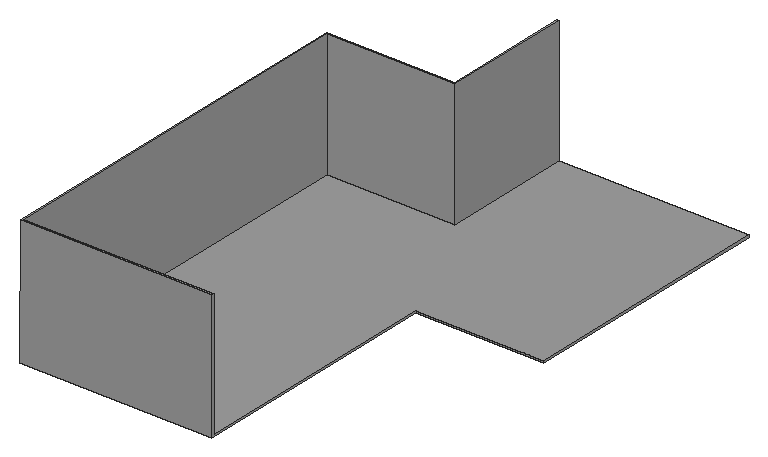
Revit family "Flashing_Preformed_Hyload_6x12Window", category Generic Models, Revit 2014
Parameters (values of type "As Specified")
  Unit Width = 1' - 0"
  Unit Height = 0' - 4"
  Unit Depth = 0' - 6"
  URL = "http://www.hyload.com/"
  Thickness = 0' - 0 1/16"
  Specification = "http://www.arcat.com/sdspecs/htm04/07_65_00hyl.htm"
  Sales Information = "http://www.hyload.com/contact-us"
  Revision = "R1_12-2015"
  Product Properties = "http://www.hyload.com/masonry-flashing/preformed-shapes/"
  Product Data = "http://www.arcat.com/arcatcos/cos33/arc33176.html"
  Model = "6x12 Window"
  Manufacturer Website = "http://www.hyload.com/"
  Manufacturer Phone - Toll Free = "800-457-4056"
  Manufacturer Phone = "330-769-3546"
  Manufacturer Fax = "330-769-4153"
  Manufacturer Address = "5020 Panther Pkwy., Seville, OH 44273"
  Manufacturer = "Hyload"
  Keynote = "07 65 00"
  Flashing Material = Hyload Flashing Membrane - Grey
  Drawn By = "Robert S. Weygant / Sumex Design"
  Description = "Preformed Hyload Masonry Flashing - 6x12 Window"
  Copyright = "(c) ARCAT, Inc, 2015"
  Construction Details = "http://www.arcat.com/details/hyload/hyload.html?coid=33176"
  Assembly Code = "B3010400"
Reference planes (in)
  plane 1 "Center (Front/Back)": y = 0
  plane 2: z = 0
  plane 3 "Center (Left/Right)": x = 0
  plane 4: y = 12
  plane 5: x = 6
  plane 6: z = 4
  plane 7: x = 10
  plane 8: y = 16
  plane 9: x = 4
Forms (in)
  Extrusion 1, solid, material "Hyload Flashing Membrane - Grey" <- "Flashing Material"
    sketch origin (0, 0, 0) x (1, 0, 0) y (0, 1, 0)
      loop
        line (0, 12) -> (0, 0) -> (6, 0) -> (6, 8) -> (10, 8) -> (10, 16) -> (4, 16) -> (4, 12) -> (0, 12)
    from 0 to 0.0625 <- "Thickness"
  Extrusion 2, solid, material "Hyload Flashing Membrane - Grey" <- "Flashing Material"
    sketch origin (0, 0, 0) x (1, 0, 0) y (0, 1, 0)
      loop
        line (0, 12) -> (0, 0) -> (6, 0) -> (6, 0.0625) -> (0.0625, 0.0625) -> (0.0625, 11.9375) -> (4.0625, 11.9375) -> (4.0625, 16) -> (4, 16) -> (4, 12) -> (0, 12)
    from 0 to 4 <- "Unit Height"
Cuts and joins
  joined: Extrusion 1, Extrusion 2
Dimensions and locks (in)
  "Unit Width": plane 1 "Center (Front/Back)" to plane 4
  "Unit Depth": plane 3 "Center (Left/Right)" to plane 5
  "Unit Height": plane 6 to level
  "Thickness": plane 1 "Center (Front/Back)" to Extrusion 2 sketch curve
  "Thickness": plane 3 "Center (Left/Right)" to Extrusion 2 sketch curve
  plane 3 "Center (Left/Right)" to Extrusion 2 = 0' - 6"
  "Thickness": plane 4 to Extrusion 2 sketch curve
  locked: plane 5 to plane 7 at 4
  plane 8 to plane 4 = 0' - 4"
  equal spacing: plane 8, Extrusion 1 sketch curve, plane 1 "Center (Front/Back)"
  plane 3 "Center (Left/Right)" to Extrusion 1 sketch curve = 0' - 4"
  "Thickness": Extrusion 2 sketch curve to Extrusion 2 sketch curve
  aligned and locked: plane 2 to level
  aligned and locked: Extrusion 1 sketch curve to plane 4
  aligned and locked: plane 3 "Center (Left/Right)" to Extrusion 1 sketch curve
  aligned and locked: Extrusion 1 sketch curve to plane 1 "Center (Front/Back)"
  aligned and locked: Extrusion 1 sketch curve to plane 5
  aligned and locked: plane 4 to Extrusion 2 sketch curve
  aligned and locked: Extrusion 2 sketch curve to plane 3 "Center (Left/Right)"
  aligned and locked: plane 1 "Center (Front/Back)" to Extrusion 2 sketch curve
  aligned and locked: plane 5 to Extrusion 2 sketch curve
  aligned and locked: Extrusion 2 to level
  aligned and locked: Extrusion 1 sketch curve to plane 8
  aligned and locked: Extrusion 1 sketch curve to plane 7
  aligned and locked: Extrusion 2 sketch curve to plane 8
  aligned and locked: Extrusion 2 sketch curve to cut or joined group of Extrusion 1, Extrusion 2
